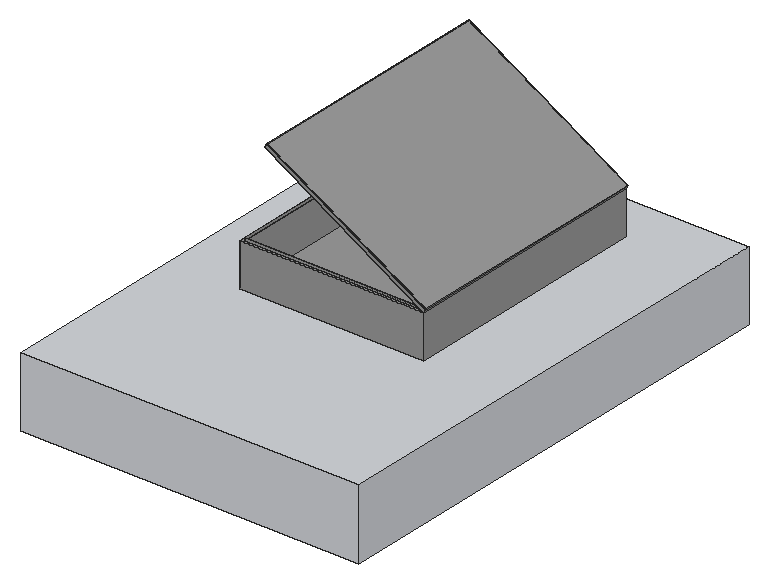
Revit family "Hager-Univers-IP54-D205-H1100-Cl.II-Encl-CH-it", category Equipement électrique, Revit 2020
Family settings
  Hôte = Face
  Configuration du panneau = Deux colonnes, circuits au sein
  Cote de connecteur circulaire = Utiliser le diamètre
  Type d'élément = Tableau de raccordement
  Couper avec des vides une fois chargée = Non
  Partagée = Non
  Point de calcul de pièce = Non
Parameters (values of type "A parete IP54 L800 A1100 P205  - FP73QSW")
  Width Control [instance] = if([EF000008 - Larghezza] > Min Width, [EF000008 - Larghezza], Min Width)  # 800 mm
  Commentaires du type = [HG000003 - Gamma]  # "Univers"
  Thickness Door [instance] = if([EF009171 - spessore materiale porta/coperchio] > 3 mm, 3 mm, [EF009171 - spessore materiale porta/coperchio])  # 1 mm
  Seal Frame Offset [instance] = 17 mm  # constant formula
  Plinth Visibility [instance] = [HG000027 - Altezza dello zoccolo] > 0 mm  # no
  Model = ""
  Min Width [instance] = 100 mm  # constant formula
  Min Height [instance] = 100 mm  # constant formula
  Min Depth [instance] = (2 * [EF009170 - spessore materiale scatola]) + 1 mm  # 3 mm
  Internal Frame Depth [instance] = (Door System Depth * 0.5)  # 9 mm
  Height Control [instance] = if([EF000040 - Altezza] > Min Height, [EF000040 - Altezza], Min Height)  # 1100 mm
  HG000027 - Altezza dello zoccolo = 0 mm
  HG000026 - A pavimento = no
  HG000024 - Altezza della sezione inferiore = 800 mm
  HG000023 - Custodia a doppia sezione = no
  HG000016 - Visibilità delle porte nella vista 3D [instance] = yes
  HG000015 - Visibilità attraverso la porta [instance] = no
  HG000014 - Porta destra [instance] = yes
  HG000013 - Porta sinistra [instance] = not([HG000014 - Porta destra])  # no
  HG000012 - Angolo di apertura della porta [instance] = 30.00°
  HG000010 - Porte asimmetriche = no
  HG000009 - Porta doppia a battente = no
  HG000006 - Ad incasso = no
  HG000004 - Codice produttore = "FP73QSW"
  HG000003 - Gamma = "Univers"
  HG000002 - Con porta = yes
  Frame Offset Bottom [instance] = 10 mm  # constant formula
  Frame Offset [instance] = 15 mm  # constant formula
  EF015940 - Coprire con rilascio di sovrapressione = no
  EF011959 - tipo di protezione (NEMA) = ""
  EF009554 - numero delle aperture per la piastra della flangia = 6
  Fabricant = "Hager"  # constant formula
  EF009212 - esecuzione coperchio = "EV000116 - chiuso"
  EF009171 - spessore materiale porta/coperchio = 1 mm
  EF009170 - spessore materiale scatola = 1 mm
  EF008873 - corrente nominale (In) = 250 A
  EF007800 - adatto per parafulmine = no
  EF006306 - con serratura = no
  EF006244 - coperchio/porta trasparente = no
  EF005474 - grado di protezione (IP) = "EV006419 - IP54"
  EF004464 - tipo di porta = "EV002646 - singolo"
  EF004427 - numero di moduli = 252
  EF004293 - resistenza agli urti = "EV006815 - IK09"
  EF003532 - adatto per uso esterno = no
  EF002950 - Numero moduli DIN = 36
  EF001613 - Integrità del circuito = "EV000494 - senza"
  EF001596 - Attacco Lampada = "EV000179 - acciaio"
  EF001131 - profondità interna = 143 mm
  EF001088 - possibilità di applicazione = yes
  EF000437 - numero di ingressi per conduttori = 6
  EF000339 - tipo di copertura = "EV001012 - coperchio"
  EF000266 - numero di file = 7
  EF000218 - profondità di incasso = 0 mm
  EF000118 - con piastra di montaggio = no
  EF000116 - numero RAL = "9010"
  EF000049 - profondità = 205 mm
  EF000040 - Altezza = 1100 mm
  EF000008 - Larghezza = 800 mm
  EF000007 - colore = "EV000202 - bianco"
  EF000003 - Tipo di montaggio = "EV000384 - A parete"
  Door System Leaf Tolerance [instance] = 1.5 mm  # constant formula
  Door System Depth [instance] = 18 mm  # constant formula
  Door Height [instance] = Height Control - [HG000027 - Altezza dello zoccolo]  # 1100 mm
  Depth Control [instance] = if([EF000049 - profondità] > Min Depth, [EF000049 - profondità], Min Depth)  # 205 mm
  Default Elevation = 0 mm
  Connector Offset [instance] = Height Control / 2  # 550 mm
  Bottom Top Plate Trim [instance] = 1.5 mm  # constant formula
  Plinth height Ctrl [instance] = if([HG000027 - Altezza dello zoccolo] > 0 mm, [HG000027 - Altezza dello zoccolo], 12 mm)  # 12 mm
Types (5, lengths in mm): name | Width Control | HG000010 - Porte asimmetriche | HG000009 - Porta doppia a battente | HG000004 - Codice produttore | EF009554 - numero delle aperture per la piastra della flangia | EF004464 - tipo di porta | EF004427 - numero di moduli | EF002950 - Numero moduli DIN | EF001131 - profondità interna | EF000437 - numero di ingressi per conduttori | EF000339 - tipo di copertura | EF000008 - Larghezza
  A parete IP54 L1050 A1100 P205  - FP74QSW | 1050 | no | no | "FP74QSW" | 8 | "EV003602 - doppio" | 336 | 48 | 143 | 8 | "EV001012 - coperchio" | 1050
  A parete IP54 L1300 A1100 P205  - FP75QSW | 1300 | yes | yes | "FP75QSW" | 10 | "EV003602 - doppio" | 420 | 60 | 130 | 10 | "EV004216 - porta" | 1300
  A parete IP54 L300 A1100 P205  - FP71QSW | 300 | no | no | "FP71QSW" | 2 | "EV002646 - singolo" | 84 | 12 | 130 | 2 | "EV004216 - porta" | 300
  A parete IP54 L550 A1100 P205  - FP72QSW | 550 | no | no | "FP72QSW" | 4 | "EV002646 - singolo" | 168 | 24 | 143 | 4 | "EV001012 - coperchio" | 550
  A parete IP54 L800 A1100 P205  - FP73QSW | 800 | no | no | "FP73QSW" | 6 | "EV002646 - singolo" | 252 | 36 | 143 | 6 | "EV001012 - coperchio" | 800
Reference planes
  plane 1 "Center (Front/Back)": y = 0
  plane 2: z = 0
  plane 3 "Center (Left/Right)": x = 0
  plane 4: z = 205
  plane 5: y = 1
  plane 6: y = 550
  plane 7: y = 0
  plane 8: y = 1100
  plane 9: z = 0
  plane 10: x = -385
  plane 11: x = 385
  plane 12: x = 384
  plane 13: x = -384
  plane 14: y = 1099
  plane 15: x = -383
  plane 16: x = -400
  plane 17: x = 383
  plane 18: x = 400
  plane 19: x = 399
  plane 20: x = -399
  plane 21: y = 11
  plane 22: y = 1100
  plane 23: y = 1084
  plane 24: z = 187
  plane 25: z = 1
  plane 26: z = 186
  plane 27: z = 204
Forms (mm)
  Extrusion 1, solid
    sketch origin (0, 0, 0) x (1, 0, 0) y (0, 1, 0)
      loop
        line (-702.964, 1305) -> (-702.964, -811.445) -> (766.763, -811.445) -> (766.763, 1305) -> (-702.964, 1305)
    from 0 to -304.8
  Extrusion 2, solid, material "Hager_Steel_RAL7035_Light_Grey", visible <- "Plinth Visibility", detail levels medium+fine
    sketch origin (0, 0, 0) x (1, 0, 0) y (0, 1, 0)
      loop
        line (-400, 0) -> (400, 0) -> (400, 12) -> (-400, 12) -> (-400, 0)
    from 0 to 187
  Extrusion 3, solid, material "Hager_Steel_RAL7035_Light_Grey", detail levels medium+fine
    sketch origin (0, 0, 0) x (1, 0, 0) y (0, 1, 0)
      loop
        line (-400, 0) -> (400, 0) -> (400, 1100) -> (-400, 1100) -> (-400, 0)
    from 0 to 187
  Extrusion 4, void
    sketch origin (0, 0, 0) x (1, 0, 0) y (0, 1, 0)
      loop
        line (-399, 1) -> (399, 1) -> (399, 1099) -> (-399, 1099) -> (-399, 1)
    from 1 to 186
  Extrusion 5, void
    sketch origin (-381.607, -4572, 187) x (0, -1, 0) y (-1, 0, 0)
      loop
        line (-4583, 2.393) -> (-5656, 2.393) -> (-5656, -765.607) -> (-4583, -765.607) -> (-4583, 2.393)
    from 0 to 1 <- "EF009170 - spessore materiale scatola"
  Extrusion 6, solid, material "Hager_Steel_RAL7035_Light_Grey", detail levels fine
    sketch origin (0, 0, 187) x (1, 0, 0) y (0, 1, 0)
      loop
        line (-384, 1084) -> (-384, 11) -> (384, 11) -> (384, 1084) -> (-384, 1084)
      loop
        line (-385, 10) -> (385, 10) -> (385, 1085) -> (-385, 1085) -> (-385, 10)
    from 0 to 9 <- "Internal Frame Depth"
  Extrusion 7, solid, material "Hager_Steel_RAL7035_Light_Grey", detail levels coarse
    sketch origin (0, 0, 0) x (1, 0, 0) y (0, 1, 0)
      loop
        line (-400, 0) -> (400, 0) -> (400, 1100) -> (-400, 1100) -> (-400, 0)
    from 0 to 205
  Sweep 8, void
    path in 3D
      loop
        line (-400, 12, 0) -> (400, 12, 0) -> (400, 12, 187) -> (-400, 12, 187) -> (-400, 12, 0)
    profile origin (-400, 12, 93.5) x (-1, 0, 0) y (0, -1, 0)
      loop
        line (0, 0) -> (0, 1.5) -> (-1.5, 1.5)
        arc (-1.5, 1.5) -> (-1.061, 0.439) -> (0, 0) r 1.5
Cuts and joins
  Extrusion 4, Extrusion 5 cuts Extrusion 3
  Sweep 8 cuts Extrusion 2
Lines and regions (mm)
  Masking region 1
    outline origin (0, 0, 0) x (1, 0, 0) y (0, 0, 1)
      loop
        line (-400, 205) -> (-400, 0) -> (400, 0) -> (400, 205) -> (-400, 205)
  Masking region 2, detail levels medium+fine
    outline origin (0, 140, 0) x (0, 1, 0) y (0, 0, 1)
      loop
        line (-140, 0) -> (960, 0) -> (960, 187) -> (-140, 187) -> (-140, 0)
  Masking region 3, not visible, detail levels medium+fine
    outline origin (0, 297.922, 0) x (0, 1, 0) y (0, 0, 1)
      loop
        line (263.578, 0) -> (303.578, 0) -> (303.578, 194)
        arc (303.578, 194) -> (300.649, 201.071) -> (293.578, 204) r 10
        line (293.578, 204) -> (263.578, 204) -> (263.578, 0)
  Masking region 4, detail levels coarse
    outline origin (0, 0, 180) x (0, 1, 0) y (0, 0, 1)
      loop
        line (0, -180) -> (1100, -180) -> (1100, 25) -> (0, 25) -> (0, -180)
  Masking region 5, visible <- "Plinth Visibility", detail levels medium+fine
    outline origin (0, 52.24, 12.345) x (0, 0, -1) y (0, 1, 0)
      loop
        line (10.845, -40.24) -> (-173.155, -40.24)
        arc (-173.155, -40.24) -> (-173.594, -41.301) -> (-174.655, -41.74) r 1.5
        line (-174.655, -41.74) -> (-174.655, -52.24) -> (12.345, -52.24) -> (12.345, -41.74)
        arc (12.345, -41.74) -> (11.285, -41.301) -> (10.845, -40.24) r 1.5
  Masking region 6, detail levels medium+fine
    outline origin (-381.607, -4572, 187) x (-1, 0, 0) y (0, -1, 0)
      loop
        line (18.393, -5672) -> (18.393, -4572) -> (-781.607, -4572) -> (-781.607, -5672) -> (18.393, -5672)
  Masking region 7, visible <- "Plinth Visibility", detail levels medium+fine
    outline origin (-381.607, -4727, 187) x (-1, 0, 0) y (0, -1, 0)
      loop
        arc (16.893, -4739) -> (17.332, -4737.939) -> (18.393, -4737.5) r 1.5
        line (18.393, -4737.5) -> (18.393, -4727) -> (-781.607, -4727) -> (-781.607, -4737.5)
        arc (-781.607, -4737.5) -> (-780.546, -4737.939) -> (-780.107, -4739) r 1.5
        line (-780.107, -4739) -> (16.893, -4739)
  Masking region 8, detail levels coarse
    outline origin (-442.548, -4669.526, 187) x (-1, 0, 0) y (0, -1, 0)
      loop
        line (-42.548, -5769.526) -> (-42.548, -4669.526) -> (-842.548, -4669.526) -> (-842.548, -5769.526) -> (-42.548, -5769.526)
  sketch lines
    curve 1: line (-400, 12, 187) -> (-400, 12, 0)
    curve 2: line (400, 12, 187) -> (-400, 12, 187)
    curve 3: line (400, 12, 187) -> (400, 12, 0)
    curve 4: line (-400, 12, 0) -> (400, 12, 0)
Dimensions and locks
  "Depth Control": plane 4 to Extrusion 1
  "HG000027 - Altezza dello zoccolo": plane 1 "Center (Front/Back)" to plane 7
  "EF009170 - spessore materiale scatola": plane 5 to plane 7
  locked: connector elem to plane 3 "Center (Left/Right)"
  equal spacing: plane 8, plane 6, plane 7
  locked: connector elem to plane 6
  "EF009170 - spessore materiale scatola": plane 8 to plane 14
  "EF009170 - spessore materiale scatola": plane 10 to plane 13
  "EF009170 - spessore materiale scatola": plane 12 to plane 11
  "Frame Offset": plane 20 to plane 13
  "Frame Offset": plane 12 to plane 19
  "EF009170 - spessore materiale scatola": plane 16 to plane 20
  "EF009170 - spessore materiale scatola": plane 19 to plane 18
  "Seal Frame Offset": plane 16 to plane 15
  "Seal Frame Offset": plane 17 to plane 18
  "Frame Offset Bottom": plane 21 to plane 5
  "Frame Offset": plane 14 to plane 23
  equal spacing: plane 16, plane 3 "Center (Left/Right)", plane 18
  "Width Control": plane 16 to plane 18
  "EF009170 - spessore materiale scatola": plane 4 to plane 27
  "EF009170 - spessore materiale scatola": plane 24 to plane 26
  "EF009170 - spessore materiale scatola": plane 25 to level
  "Door System Depth": plane 4 to plane 24
  "Height Control": plane 1 "Center (Front/Back)" to Extrusion 7 sketch curve
  "Height Control": Masking region 4 sketch curve to plane 1 "Center (Front/Back)"
  "Height Control": plane 1 "Center (Front/Back)" to plane 22
  "Bottom Top Plate Trim": profile plane to Sweep 8 sketch curve
  "Bottom Top Plate Trim": Sweep 8 sketch curve to profile plane
  "Plinth height Ctrl": plane 1 "Center (Front/Back)" to Extrusion 2 sketch curve
  "Plinth height Ctrl": Masking region 5 sketch curve to plane 1 "Center (Front/Back)"
  "Plinth height Ctrl": plane 1 "Center (Front/Back)" to Masking region 7 sketch curve
  "Thickness Door": Extrusion 6 sketch curve to Extrusion 6 sketch curve  (x3)
  "Thickness Door": cut or joined group of Extrusion 3, Extrusion 4, Extrusion 5 to Extrusion 6 sketch curve
  radius of Masking region 3 sketch curve = 10 mm
  "Bottom Top Plate Trim": radius of Masking region 5 sketch curve  (x2)
  "Bottom Top Plate Trim": radius of Sweep 8 sketch curve
  "Bottom Top Plate Trim": radius of Masking region 7 sketch curve  (x2)
  aligned and locked: plane 2 to Extrusion 1
  aligned and locked: level to Extrusion 1
  aligned and locked: level to Masking region 1 sketch curve
  aligned and locked: Masking region 1 sketch curve to plane 18
  aligned and locked: Masking region 1 sketch curve to plane 16
  aligned and locked: plane 7 to Masking region 2 sketch curve
  aligned and locked: level to Masking region 3 sketch curve
  aligned and locked: Masking region 3 sketch curve to plane 27
  aligned and locked: level to Masking region 2 sketch curve
  aligned and locked: plane 1 "Center (Front/Back)" to Extrusion 2 sketch curve
  aligned and locked: Extrusion 3 sketch curve to plane 7
  aligned and locked: plane 16 to Extrusion 3 sketch curve
  aligned and locked: plane 18 to Extrusion 3 sketch curve
  aligned and locked: plane 20 to Extrusion 4 sketch curve
  aligned and locked: plane 19 to Extrusion 4 sketch curve
  aligned and locked: Extrusion 4 sketch curve to plane 5
  aligned and locked: Extrusion 4 to plane 25
  aligned and locked: plane 26 to Extrusion 4
  aligned and locked: plane 24 to Extrusion 3
  aligned and locked: Extrusion 5 sketch curve to plane 21
  aligned and locked: Extrusion 5 sketch curve to plane 13
  aligned and locked: Extrusion 5 sketch curve to plane 12
  aligned and locked: plane 18 to Extrusion 7 sketch curve
  aligned and locked: plane 1 "Center (Front/Back)" to Extrusion 7 sketch curve
  aligned and locked: plane 16 to Extrusion 7 sketch curve
  aligned and locked: plane 4 to Extrusion 7
  aligned and locked: Extrusion 7 to level
  aligned and locked: level to Masking region 4 sketch curve
  aligned and locked: Masking region 4 sketch curve to plane 1 "Center (Front/Back)"
  aligned and locked: Masking region 4 sketch curve to plane 4
  aligned and locked: nested 1 to level
  aligned and locked: nested 1 to plane 16
  aligned and locked: plane 8 to Extrusion 3 sketch curve
  aligned and locked: plane 23 to Extrusion 5 sketch curve
  aligned and locked: plane 14 to Extrusion 4 sketch curve
  aligned and locked: Masking region 2 sketch curve to plane 8
  aligned and locked: level to Masking region 5 sketch curve
  aligned and locked: plane 16 to Extrusion 2 sketch curve
  aligned and locked: plane 18 to Extrusion 2 sketch curve
  aligned and locked: Masking region 5 sketch curve to plane 24
  aligned and locked: Masking region 2 sketch curve to plane 24
  aligned and locked: plane 24 to Extrusion 2
  aligned and locked: profile plane to Sweep 8 sketch curve  (x2)
  aligned and locked: Masking region 6 sketch curve to plane 18
  aligned and locked: Masking region 6 sketch curve to plane 22
  aligned and locked: Masking region 6 sketch curve to plane 16
  aligned and locked: plane 8 to plane 22
  aligned and locked: Masking region 6 sketch curve to plane 7
  aligned and locked: Masking region 7 sketch curve to plane 16
  aligned and locked: Masking region 7 sketch curve to plane 1 "Center (Front/Back)"
  aligned and locked: Masking region 7 sketch curve to plane 18
  aligned and locked: Masking region 8 sketch curve to plane 1 "Center (Front/Back)"
  aligned and locked: Masking region 8 sketch curve to plane 18
  aligned and locked: Masking region 8 sketch curve to plane 22
  aligned and locked: Masking region 8 sketch curve to plane 16
  aligned and locked: nested 2 to plane 7
  aligned and locked: plane 3 "Center (Left/Right)" to nested 2
  aligned and locked: nested 2 to plane 24
  aligned and locked: Extrusion 6 sketch curve to cut or joined group of Extrusion 3, Extrusion 4, Extrusion 5  (x4)
Automatic sketch dimensions
  Extrusion 1 sketch curve to Extrusion 1 sketch curve = 1469.727 mm
  Extrusion 1 sketch curve to Extrusion 1 sketch curve = 2116.445 mm
  Masking region 1 sketch curve to plane 4 = 0 mm
  plane 6 to Masking region 3 sketch curve = 11.5 mm
  Masking region 3 sketch curve to Masking region 3 sketch curve = 30 mm
  Masking region 5 sketch curve to plane 1 "Center (Front/Back)" = 0 mm
Nested families
  nested 1: "Hager_Enclosure_Symbol" at (-400, 0, 0) x (1, 0, 0) z (0, -1, 0), Height <- "Depth Control", Width <- "Width Control", type "Hager_Enclosure_Symbol"
    with Width_Ctrl 800 mm, Width 800 mm, Height_Ctrl 205 mm, Height 205 mm, A_Width_Int 13.453 mm, A_Width 161.438 mm, A_Height_Ctrl 179.375 mm, A_Height 179.375 mm
  nested 2: "EC000058_Univers_Door" at (0, 0, 187) x (1, 0, 0) z (0, 1, 0), Leaf_Tolerance <- "Door System Leaf Tolerance", Angle <- "HG000012 - Angolo di apertura della porta", Door_Depth <- "Door System Depth", Door_Left <- "HG000013 - Porta sinistra", Transparent <- "EF006244 - coperchio/porta trasparente", Assymetrical <- "HG000010 - Porte asimmetriche", Width <- "Width Control", Clearance <- "HG000015 - Visibilità attraverso la porta", Double <- "HG000009 - Porta doppia a battente", 3d_Door <- "HG000016 - Visibilità delle porte nella vista 3D", Lock_Visibility <- "EF006306 - con serratura", Width_Ctrl <- "Width Control", Door_Right <- "HG000014 - Porta destra", Door <- "HG000002 - Con porta", Height <- "Door Height", Thickness <- "Thickness Door", type "EC000058_Univers_Door", detail levels medium+fine
    with min_wh 3 mm, Width_Ctrl 800 mm, Width 800 mm, Transparent no, Thickness 1 mm, Seal_Material Hager_Rubber, Lock_Visibility no, Lock_Material Hager_Plastic_RAL9005_Jet_Black, Leaf_Width 800 mm, Leaf_Tolerance_External_Sides 0 mm, Leaf_Tolerance 1.5 mm, Leaf_Offset 0 mm, Leaf_Height 1097 mm, Leaf_2_Width 800 mm, Leaf_2_Offset 400 mm, Leaf_1_Width 800 mm, Leaf_1_Offset 400 mm, Height_Ctrl 1100 mm, Height 1100 mm, Glass_Material Hager_Glass, Double_Clearance_Ctrl no, Double no, Door_Right_Ctrl yes, Door_Right yes, Door_Material Hager_Steel_RAL7035_Light_Grey, Door_Left_Ctrl no, Door_Left no, Door_Depth 18 mm, Door yes, Clearance_Material Hager_Clearance, Clearance_Depth 800 mm, Clearance_Ctrl no, Clearance no, Assymetrical no, Angle 30.00°, 3d_Door yes
Connectors
  electrical at (0, 550, 0)
    settings: on plane 9, index 1, voltage 0 V, apparent load 0 VA, apparent load phase1 0 VA, apparent load phase2 0 VA, apparent load phase3 0 VA, power factor 1, load classification "Other", number of poles 1, system type 30, power factor state 1, is connector primary yes, connector utility no, sub classification motor no, connector description ""
Definition of nested family "EC000058_Univers_Door"
  Parameters (values of type "EC000058_Univers_Door")
    min_wh [instance] = (2 * Thickness) + 1 mm  # 11 mm
    Width_Ctrl [instance] = 400 mm
    Width [instance] = 500 mm
    Transparent [instance] = yes
    Thickness [instance] = 5 mm
    Seal_Material [instance] = none
    Lock_Visibility [instance] = yes
    Lock_Material [instance] = none
    Leaf_Width [instance] = if((Width_Ctrl - 2 * Leaf_Tolerance_External_Sides) > 0 mm, (Width_Ctrl - 2 * Leaf_Tolerance_External_Sides), min_wh)  # 400 mm
    Leaf_Tolerance_External_Sides [instance] = 0 mm  # constant formula
    Leaf_Tolerance [instance] = 1.5 mm
    Leaf_Offset [instance] = 0 mm  # constant formula
    Leaf_Height [instance] = if((Height_Ctrl - 2 * Leaf_Tolerance) > 0 mm, (Height_Ctrl - 2 * Leaf_Tolerance), min_wh)  # 497 mm
    Leaf_2_Width [instance] = if(and(and(Double, Assymetrical), Door_Left), (Leaf_Width / 3) - (Leaf_Tolerance / 2), if(and(and(Double, Assymetrical), Door_Right), (Leaf_Width / 3) * 2 - (Leaf_Tolerance / 2), if(and(Double, not(Assymetrical)), (Leaf_Width / 2) - Leaf_Tolerance, Leaf_Width)))  # 400 mm
    Leaf_2_Offset [instance] = if(and(Double, Assymetrical), Leaf_2_Width / 2, if(and(Double, not(Assymetrical)), Leaf_Width / 4, Leaf_Width / 2))  # 200 mm
    Leaf_1_Width [instance] = if(and(and(Double, Assymetrical), Door_Right), (Leaf_Width / 3) - (Leaf_Tolerance / 2), if(and(and(Double, Assymetrical), Door_Left), (Width / 3) * 2 - (Leaf_Tolerance / 2), if(and(Double, not(Assymetrical)), (Leaf_Width / 2) - Leaf_Tolerance, Leaf_Width)))  # 400 mm
    Leaf_1_Offset [instance] = if(and(Double, Assymetrical), Leaf_1_Width / 2, if(and(Double, not(Assymetrical)), Leaf_Width / 4, Leaf_Width / 2))  # 200 mm
    Height_Ctrl [instance] = if(Height > min_wh, Height, min_wh)  # 500 mm
    Height [instance] = 500 mm
    Glass_Material [instance] = none
    Double_Clearance_Ctrl [instance] = and(Double, Clearance)  # no
    Double [instance] = no
    Door_Right_Ctrl [instance] = and(or(Door_Right, Double), Door)  # yes
    Door_Right [instance] = yes
    Door_Material [instance] = none
    Door_Left_Ctrl [instance] = and(or(Door_Left, Double), Door)  # no
    Door_Left [instance] = no
    Door_Depth [instance] = 30 mm
    Door [instance] = yes
    Default Elevation = 1219.2 mm
    Clearance_Material [instance] = none
    Clearance_Depth [instance] = if(Leaf_1_Width > Leaf_2_Width, Leaf_1_Width, Leaf_2_Width)  # 400 mm
    Clearance_Ctrl [instance] = and(not(Double), Clearance)  # yes
    Clearance [instance] = yes
    Assymetrical [instance] = yes
    Angle [instance] = 30.00°
    3d_Door [instance] = yes
  Reference planes
    plane 1 "Center (Front/Back)": y = 0
    plane 2 "Bottom": z = 0
    plane 3 "Center (Left/Right)": x = 0
    plane 4: z = 500
    plane 5: x = -200
    plane 6: x = 200
    plane 7: z = 500
    plane 8: x = -200
    plane 9: z = 0
    plane 10: x = 200
    plane 11: y = 0
    plane 12: z = 1.5
    plane 13: x = -600
    plane 14: y = -400
    plane 15: x = 600
    plane 16: x = 0
    plane 17: x = 0
    plane 18: x = -200
    plane 19: x = 200
    plane 20: z = 498.5
  Forms (mm)
    Extrusion 1, solid, material <- "Clearance_Material", visible <- "Double_Clearance_Ctrl"
      sketch origin (1200, 0, 0) x (1, 0, 0) y (0, 0, -1)
        loop
          line (-1800, -498.5) -> (-600, -498.5) -> (-600, 0) -> (-1800, 0) -> (-1800, -498.5)
      from 0 to -400
  Dimensions and locks
    equal spacing: plane 5, plane 3 "Center (Left/Right)", plane 6
    "Width_Ctrl": plane 5 to plane 6
    "Leaf_Offset": plane 5 to plane 8
    "Leaf_Offset": plane 6 to plane 10
    "Leaf_Offset": plane 9 to level
    "Leaf_Offset": plane 4 to plane 7
    "Height_Ctrl": plane 4 to level
    "Leaf_Tolerance": plane 12 to plane 9
    locked: plane 11 to plane 1 "Center (Front/Back)"
    "Leaf_1_Offset": plane 18 to plane 16
    "Leaf_2_Offset": plane 17 to plane 19
    "Leaf_1_Width": plane 13 to plane 8
    "Leaf_2_Width": plane 10 to plane 15
    "Clearance_Depth": plane 14 to plane 1 "Center (Front/Back)"
    "Leaf_Tolerance_External_Sides": plane 8 to plane 18
    "Leaf_Tolerance_External_Sides": plane 19 to plane 10
    "Leaf_Tolerance": plane 7 to plane 20
    aligned and locked: level to plane 2 "Bottom"
    aligned and locked: nested 1 to plane 16
    aligned and locked: nested 2 to plane 17
    aligned and locked: Extrusion 1 to plane 13
    aligned and locked: plane 15 to Extrusion 1
    aligned and locked: Extrusion 1 to plane 14
    aligned and locked: plane 12 to nested 1
    aligned and locked: nested 2 to plane 12
    aligned and locked: Extrusion 1 to plane 11
    aligned and locked: plane 20 to Extrusion 1
    aligned and locked: nested 2 to plane 11
    aligned and locked: nested 1 to plane 11
  Automatic sketch dimensions
    Extrusion 1 sketch curve to level = 0 mm
    plane 5 to Extrusion 1 sketch curve = 400 mm
    plane 6 to Extrusion 1 sketch curve = 400 mm
    Extrusion 1 sketch curve to plane 4 = 1.5 mm
  Nested families
    nested 1: "EC000058_Univers_Door_Leaf" at (0, 0, 1.5), Width <- "Leaf_1_Width", visible <- "Door_Left_Ctrl", Leaf_Height <- "Leaf_Height", Angle <- "Angle", 3d_Door <- "3d_Door", Transparent <- "Transparent", Clearance Material <- "Clearance_Material", Clearance <- "Clearance_Ctrl", Door_Material <- "Door_Material", Glass_Material <- "Glass_Material", Door_Depth <- "Door_Depth", Lock_Material <- "Lock_Material", Seal_Material <- "Seal_Material", Lock_Visibility <- "Lock_Visibility", Thickness <- "Thickness", type "EC000058_Univers_Door_Leaf"
      with Width 400 mm, Transparent_Glass_Offset 30 mm, Transparent_Ctrl yes, Transparent yes, Thickness 5 mm, Standard no, Seal_Material none, Seal_D2 8 mm, Seal_D1 1 mm, Offset_Internal_Frame 10 mm, Lock_Width 20 mm, Lock_Visibility_3d yes, Lock_Visibility yes, Lock_Thickness_3 3 mm, Lock_Thickness_2 1 mm, Lock_Thickness_1 3 mm, Lock_Radius_Offset_2 16 mm, Lock_Radius_Offset_1 15 mm, Lock_Radius_2 5 mm, Lock_Radius 6 mm, Lock_Offset 5 mm, Lock_Material none, Lock_Height 80 mm, Lock_Cover_Top_Offset_2d 17 mm, Lock_Cover_Height -65 mm, Leaf_Height 497 mm, Internal_Seal_Thickness 8 mm, Internal_Seal_Depth_2 4.5 mm, Internal_Frame_Depth 25 mm, Glass_Thickness -1 mm, Glass_Offset -2 mm, Glass_Material none, Door_Material none, Door_Depth 30 mm, Clearance Material none, Clearance yes, Angle_Ctrl 30.00°, Angle 30.00°, 3d_Door yes
    nested 2: "EC000058_Univers_Door_Leaf" at (0, 0, 1.5) x (-1, 0, 0) z (0, 0, 1), Width <- "Leaf_2_Width", visible <- "Door_Right_Ctrl", Leaf_Height <- "Leaf_Height", Angle <- "Angle", 3d_Door <- "3d_Door", Transparent <- "Transparent", Clearance Material <- "Clearance_Material", Clearance <- "Clearance_Ctrl", Door_Material <- "Door_Material", Glass_Material <- "Glass_Material", Door_Depth <- "Door_Depth", Lock_Material <- "Lock_Material", Seal_Material <- "Seal_Material", Lock_Visibility <- "Lock_Visibility", Thickness <- "Thickness", type "EC000058_Univers_Door_Leaf"
      with Width 400 mm, Transparent_Glass_Offset 30 mm, Transparent_Ctrl yes, Transparent yes, Thickness 5 mm, Standard no, Seal_Material none, Seal_D2 8 mm, Seal_D1 1 mm, Offset_Internal_Frame 10 mm, Lock_Width 20 mm, Lock_Visibility_3d yes, Lock_Visibility yes, Lock_Thickness_3 3 mm, Lock_Thickness_2 1 mm, Lock_Thickness_1 3 mm, Lock_Radius_Offset_2 16 mm, Lock_Radius_Offset_1 15 mm, Lock_Radius_2 5 mm, Lock_Radius 6 mm, Lock_Offset 5 mm, Lock_Material none, Lock_Height 80 mm, Lock_Cover_Top_Offset_2d 17 mm, Lock_Cover_Height -65 mm, Leaf_Height 497 mm, Internal_Seal_Thickness 8 mm, Internal_Seal_Depth_2 4.5 mm, Internal_Frame_Depth 25 mm, Glass_Thickness -1 mm, Glass_Offset -2 mm, Glass_Material none, Door_Material none, Door_Depth 30 mm, Clearance Material none, Clearance yes, Angle_Ctrl 30.00°, Angle 30.00°, 3d_Door yes
  Definition of nested family "EC000058_Univers_Door_Leaf"
    Parameters (values of type "EC000058_Univers_Door_Leaf")
      Width [instance] = 2000 mm
      Transparent_Glass_Offset [instance] = 30 mm
      Transparent_Ctrl [instance] = and(Transparent, [3d_Door])  # yes
      Transparent [instance] = yes
      Thickness [instance] = 5 mm
      Standard [instance] = and(not(Transparent), [3d_Door])  # no
      Seal_Material [instance] = none
      Seal_D2 [instance] = 8 mm  # constant formula
      Seal_D1 [instance] = 1 mm  # constant formula
      Offset_Internal_Frame [instance] = 10 mm  # constant formula
      Lock_Width [instance] = 20 mm  # constant formula
      Lock_Visibility_3d [instance] = and(Lock_Visibility, [3d_Door])  # yes
      Lock_Visibility [instance] = yes
      Lock_Thickness_3 [instance] = 3 mm  # constant formula
      Lock_Thickness_2 [instance] = 1 mm  # constant formula
      Lock_Thickness_1 [instance] = 3 mm  # constant formula
      Lock_Radius_Offset_2 [instance] = Lock_Radius_Offset_1 + 1 mm  # 16 mm
      Lock_Radius_Offset_1 [instance] = 15 mm  # constant formula
      Lock_Radius_2 [instance] = Lock_Radius - 1 mm  # 5 mm
      Lock_Radius [instance] = 6 mm  # constant formula
      Lock_Offset [instance] = 5 mm  # constant formula
      Lock_Material [instance] = none
      Lock_Height [instance] = 80 mm  # constant formula
      Lock_Cover_Top_Offset_2d [instance] = Lock_Radius_Offset_2 + 1 mm  # 17 mm
      Lock_Cover_Height [instance] = -(Lock_Height - Lock_Radius_Offset_1)  # -65 mm
      Leaf_Height [instance] = 2720.336 mm
      Internal_Seal_Thickness [instance] = 8 mm  # constant formula
      Internal_Seal_Depth_2 [instance] = 4.5 mm  # constant formula
      Internal_Frame_Depth [instance] = if(Door_Depth - Thickness > 5 mm, Door_Depth - Thickness, 5 mm)  # 25 mm
      Glass_Thickness [instance] = if(Thickness > 15 mm, Glass_Offset + 10 mm, -1 mm)  # -1 mm
      Glass_Offset [instance] = if(Thickness > 15 mm, -(Thickness + 10 mm) / 2, -2 mm)  # -2 mm
      Glass_Material [instance] = none
      Door_Material [instance] = none
      Door_Depth [instance] = 30 mm
      Default Elevation = 0 mm
      Clearance Material [instance] = none
      Clearance [instance] = yes
      Angle_Ctrl [instance] = if(Angle > 180.00°, 180.00°, Angle)  # 90.00°
      Angle [instance] = 90.00°
      3d_Door [instance] = yes
    Reference planes
      plane 1 "Center (Front/Back)": y = 0
      plane 2: z = 0
      plane 3 "Center (Left/Right)": x = 0
      plane 4: y = 2000
      plane 5: x = -1000
      plane 6: x = 1000
      plane 7: x = -3000
      plane 8: z = 2720.336
      plane 9: z = 30
      plane 10: z = 2690.336
      plane 11: x = 970
      plane 12: x = -970
      plane 13: y = -3
      plane 14: z = 107.833
      plane 15: y = -5
      plane 16: y = -223.314
      plane 17: x = -1000
      plane 18: z = 1360.168
      plane 19: y = 30
    Forms (mm)
      Extrusion 1, solid, material <- "Clearance Material", visible <- "Clearance"
        sketch origin (0, 0, 0) x (1, 0, 0) y (0, 0, 1)
          loop
            line (-3000, 2720.336) -> (-3000, 0) -> (1000, 0) -> (1000, 2720.336) -> (-3000, 2720.336)
        from 0 to -2000
      Extrusion 2, solid, material <- "Door_Material", visible <- "Standard", detail levels medium+fine
        sketch origin (-1000, 0, 0) x (0, 1, 0) y (-1, 0, 0)
          loop
            line (0, 30) -> (0, 25) -> (2000, 25) -> (2000, 30) -> (0, 30)
        from 0 to 2720.336 <- "Leaf_Height"
      Extrusion 3, solid, material <- "Door_Material", visible <- "Transparent_Ctrl", detail levels medium+fine
        sketch origin (-1000, 0, 0) x (0, 1, 0) y (-1, 0, 0)
          loop
            line (0, 25) -> (2000, 25) -> (2000, 30) -> (0, 30) -> (0, 25)
        from 0 to 2720.336 <- "Leaf_Height"
      Extrusion 4, void
        sketch origin (-1025, 2000, 0) x (0, 1, 0) y (0, 0, -1)
          loop
            line (-30, -2690.336) -> (-30, -30) -> (-1970, -30) -> (-1970, -2690.336) -> (-30, -2690.336)
        from 0 to 5 <- "Thickness"
      Sweep 5, solid, material <- "Seal_Material", visible <- "Transparent_Ctrl", detail levels fine
        path in 3D
          loop
            line (-1025, 30, 30) -> (-1025, 30, 2690.336) -> (-1025, 1970, 2690.336) -> (-1025, 1970, 30) -> (-1025, 30, 30)
        profile origin (-1025, 1000, 30) x (1, 0, 0) y (0, 0, 1)
          loop
            line (0, 0) -> (0, -8) -> (1, -8) -> (1, 0) -> (0, 0)
      Extrusion 6, solid, material <- "Glass_Material", visible <- "Transparent_Ctrl", detail levels medium+fine
        sketch origin (-1030, 0, 0) x (0, 1, 0) y (0, 0, -1)
          loop
            line (1970, -2690.336) -> (1970, -30) -> (30, -30) -> (30, -2690.336) -> (1970, -2690.336)
        from -2 <- "Glass_Offset" to -1 <- "Glass_Thickness"
      Extrusion 7, solid, material <- "Door_Material", visible <- "3d_Door", detail levels medium+fine
        sketch origin (-1025, 2000, 0) x (0, -1, 0) y (0, 0, -1)
          loop
            line (0, -2720.336) -> (2000, -2720.336) -> (2000, 0) -> (0, 0) -> (0, -2720.336)
          loop
            line (1995, -5) -> (5, -5) -> (5, -2715.336) -> (1995, -2715.336) -> (1995, -5)
        from 0 to 25 <- "Internal_Frame_Depth"
      Sweep 8, solid, material <- "Seal_Material", visible <- "Transparent_Ctrl", detail levels fine
        path in 3D
          loop
            line (-1025, 0, 0) -> (-1025, 2000, 0) -> (-1025, 2000, 2720.336) -> (-1025, 0, 2720.336) -> (-1025, 0, 0)
        profile origin (-1025, 0, 1360.168) x (1, 0, 0) y (0, 1, 0)
          loop
            line (0, 10) -> (2.975, 10)
            arc (2.975, 10) -> (4.053, 10.447) -> (4.5, 11.525) r 1.525
            line (4.5, 11.525) -> (4.5, 16.527)
            arc (4.5, 16.527) -> (4.069, 17.569) -> (3.027, 18) r 1.473
            line (3.027, 18) -> (0, 18) -> (0, 10)
      Extrusion 9, solid, material <- "Lock_Material", visible <- "Lock_Visibility_3d", detail levels fine
        sketch origin (-1030, 0, 0) x (0, 1, 0) y (0, 0, -1)
          loop
            arc (1993.5, -1400.168) -> (1994.561, -1399.729) -> (1995, -1398.668) r 1.5
            line (1995, -1398.668) -> (1995, -1320.168) -> (1975, -1320.168) -> (1975, -1398.668)
            arc (1975, -1398.668) -> (1975.439, -1399.729) -> (1976.5, -1400.168) r 1.5
            line (1976.5, -1400.168) -> (1993.5, -1400.168)
        from 3 <- "Lock_Thickness_1" to 0
      Blend 10, solid, material <- "Lock_Material", visible <- "Lock_Visibility_3d", detail levels fine
        base sketch origin (-1033, 0, 0) x (0, 1, 0) y (0, 0, -1)
          loop
            line (1975, -1320.168) -> (1975, -1398.668)
            arc (1975, -1398.668) -> (1975.439, -1399.729) -> (1976.5, -1400.168) r 1.5
            line (1976.5, -1400.168) -> (1993.5, -1400.168)
            arc (1993.5, -1400.168) -> (1994.561, -1399.729) -> (1995, -1398.668) r 1.5
            line (1995, -1398.668) -> (1995, -1320.168) -> (1975, -1320.168)
        top sketch origin (-1033, 0, 0) x (0, 1, 0) y (0, 0, -1)
          loop
            line (1976, -1320.168) -> (1976, -1398.668)
            arc (1976, -1398.668) -> (1976.146, -1399.022) -> (1976.5, -1399.168) r 0.5
            line (1976.5, -1399.168) -> (1993.5, -1399.168)
            arc (1993.5, -1399.168) -> (1993.854, -1399.022) -> (1994, -1398.668) r 0.5
            line (1994, -1398.668) -> (1994, -1320.168) -> (1976, -1320.168)
        from 0 to 1 <- "Lock_Thickness_2"
      Blend 11, solid, material <- "Lock_Material", visible <- "Lock_Visibility_3d", detail levels fine
        base sketch origin (-1034, 0, 0) x (0, 1, 0) y (0, 0, -1)
          loop
            line (1978, -1320.168) -> (1978, -1384.168)
            arc (1978, -1384.168) -> (1985, -1391.168) -> (1992, -1384.168) r 7
            line (1992, -1384.168) -> (1992, -1320.168) -> (1978, -1320.168)
        top sketch origin (-1034, 0, 0) x (0, 1, 0) y (0, 0, -1)
          loop
            line (1991, -1320.168) -> (1979, -1320.168) -> (1979, -1383.168)
            arc (1979, -1383.168) -> (1985, -1389.168) -> (1991, -1383.168) r 6
            line (1991, -1383.168) -> (1991, -1320.168)
        from 0 to 3 <- "Lock_Thickness_3"
      Extrusion 12, solid, material <- "Lock_Material", visible <- "Lock_Visibility_3d", detail levels fine
        sketch origin (-1030, 1975, 1320.168) x (1, 0, 0) y (0, -1, 0)
          loop
            line (-7, -19) -> (-7, -1) -> (0, -1) -> (0, 0) -> (-8, 0) -> (-8, -20) -> (0, -20) -> (0, -19) -> (-7, -19)
        from 0 to -65 <- "Lock_Cover_Height"
      Extrusion 13, void
        sketch origin (-1038, 1995, 1320.168) x (-1, 0, 0) y (0, 0, -1)
          loop
            line (-5, -65) -> (0, -65) -> (-5, -60) -> (-5, -65)
        from 0 to 20 <- "Lock_Width"
      Extrusion 14, void
        sketch origin (-1038, 1975, 1320.168) x (0, -1, 0) y (0, 0, -1)
          loop
            circle (-10, -15.995) r 6
          loop
            circle (-10, -15.995) r 5
        from 0 to 2
      Extrusion 15, solid, material <- "Lock_Material", visible <- "Lock_Visibility_3d", detail levels medium
        sketch origin (-1030, 0, 0) x (0, 1, 0) y (0, 0, -1)
          loop
            arc (1993.5, -1400.168) -> (1994.561, -1399.729) -> (1995, -1398.668) r 1.5
            line (1995, -1398.668) -> (1995, -1320.168) -> (1975, -1320.168) -> (1975, -1398.668)
            arc (1975, -1398.668) -> (1975.439, -1399.729) -> (1976.5, -1400.168) r 1.5
            line (1976.5, -1400.168) -> (1993.5, -1400.168)
        from 8 to 0
    Cuts and joins
      Extrusion 4 cuts Extrusion 3
      Extrusion 13, Extrusion 14 cuts Extrusion 9
      Extrusion 14 cuts Blend 11
      Extrusion 13, Extrusion 14 cuts Extrusion 12
      joined: Extrusion 9, Blend 10, Blend 11, Extrusion 12
      Extrusion 14 cuts Extrusion 15
    Lines and regions (mm)
      Masking region 1, visible <- "Lock_Visibility", detail levels fine
        outline origin (0, 0, 0) x (0, 1, 0) y (0, 0, 1)
          loop
            line (30, 1320.168) -> (33, 1320.168) -> (33, 1400.168) -> (30, 1400.168) -> (30, 1320.168)
      Masking region 2, visible <- "Lock_Visibility", detail levels fine
        outline origin (0, 3.143, 0) x (0, 1, 0) y (0, 0, 1)
          loop
            line (29.857, 1354.168) -> (30.857, 1354.168) -> (30.857, 1366.168) -> (29.857, 1366.168) -> (29.857, 1354.168)
      Masking region 3, detail levels medium+fine
        outline origin (0, 0, 0) x (0, 1, 0) y (0, 0, 1)
          loop
            line (0, 0) -> (30, 0) -> (30, 2720.336) -> (0, 2720.336) -> (0, 0)
      Masking region 4, detail levels medium+fine
        outline origin (0, 0, 0) x (1, 0, 0) y (0, 0, 1)
          loop
            line (-1000, 2720.336) -> (-1000, 0) -> (1000, 0) -> (1000, 2720.336) -> (-1000, 2720.336)
      Masking region 5, visible <- "Lock_Visibility", detail levels fine
        outline origin (-47.116, 0, 0) x (1, 0, 0) y (0, 0, 1)
          loop
            arc (1024.616, 1399.168) -> (1023.556, 1398.729) -> (1023.116, 1397.668) r 1.5
            line (1023.116, 1397.668) -> (1023.116, 1320.168) -> (1041.116, 1320.168) -> (1041.116, 1397.668)
            arc (1041.116, 1397.668) -> (1040.677, 1398.729) -> (1039.616, 1399.168) r 1.5
            line (1039.616, 1399.168) -> (1024.616, 1399.168)
      Masking region 6, visible <- "Lock_Visibility", detail levels medium+fine
        outline origin (-25, 0, 0) x (1, 0, 0) y (0, 0, 1)
          loop
            arc (1001.5, 1400.168) -> (1000.439, 1399.729) -> (1000, 1398.668) r 1.5
            line (1000, 1398.668) -> (1000, 1320.168) -> (1020, 1320.168) -> (1020, 1398.668)
            arc (1020, 1398.668) -> (1019.561, 1399.729) -> (1018.5, 1400.168) r 1.5
            line (1018.5, 1400.168) -> (1001.5, 1400.168)
      Masking region 7, visible <- "Lock_Visibility", detail levels fine
        outline origin (-73.735, 0, 0) x (1, 0, 0) y (0, 0, 1)
          loop
            line (1051.735, 1382.168) -> (1065.735, 1382.168) -> (1065.735, 1384.168)
            arc (1065.735, 1384.168) -> (1058.735, 1391.168) -> (1051.735, 1384.168) r 7
            line (1051.735, 1384.168) -> (1051.735, 1382.168)
      Masking region 8, visible <- "Lock_Visibility", detail levels fine
        outline origin (-73.735, 0, 0) x (1, 0, 0) y (0, 0, 1)
          loop
            line (1052.735, 1382.168) -> (1064.735, 1382.168) -> (1064.735, 1383.168)
            arc (1064.735, 1383.168) -> (1058.735, 1389.168) -> (1052.735, 1383.168) r 6
            line (1052.735, 1383.168) -> (1052.735, 1382.168)
      Masking region 9, visible <- "Lock_Visibility", detail levels fine
        outline origin (-25, 0, 0) x (1, 0, 0) y (0, 0, 1)
          loop
            line (1020, 1320.168) -> (1020, 1382.168) -> (1000, 1382.168) -> (1000, 1320.168) -> (1020, 1320.168)
      Masking region 10, detail levels medium+fine
        outline origin (0, 0, 0) x (1, 0, 0) y (0, 0, 1)
          loop
            circle (985, 1335.144) r 6
      Masking region 11, detail levels fine
        outline origin (0, 0, 0) x (1, 0, 0) y (0, 0, 1)
          loop
            circle (985, 1335.144) r 5
      Masking region 12, visible <- "Lock_Visibility", detail levels fine
        outline origin (0, 12.767, 0) x (0, 1, 0) y (0, 0, 1)
          loop
            line (20.233, 1320.168) -> (21.233, 1320.168) -> (21.233, 1399.168) -> (20.233, 1400.168) -> (20.233, 1320.168)
      Masking region 13, visible <- "Lock_Visibility", detail levels fine
        outline origin (0, 13.767, -10) x (0, 1, 0) y (0, 0, 1)
          loop
            line (20.233, 1330.168) -> (23.233, 1330.168) -> (23.233, 1399.168) -> (20.233, 1402.168) -> (20.233, 1330.168)
      Masking region 14, visible <- "Lock_Visibility", detail levels fine
        outline origin (0, 12.767, -10) x (0, 1, 0) y (0, 0, 1)
          loop
            line (20.233, 1330.168) -> (25.233, 1330.168) -> (25.233, 1399.305) -> (20.233, 1394.305) -> (20.233, 1330.168)
      Masking region 15, visible <- "Lock_Visibility", detail levels medium
        outline origin (0, 0, 0) x (0, 1, 0) y (0, 0, 1)
          loop
            line (30, 1320.168) -> (38, 1320.168) -> (38, 1400.168) -> (30, 1400.168) -> (30, 1320.168)
      Masking region 16, visible <- "Lock_Visibility", detail levels fine
        outline origin (-1000, 0, 0) x (0, 1, 0) y (-1, 0, 0)
          loop
            line (1975, 30) -> (1995, 30) -> (1995, 38) -> (1975, 38) -> (1975, 30)
          loop
            line (1979, 37) -> (1976, 37) -> (1976, 34) -> (1978, 34) -> (1979, 37)
          loop
            line (1994, 37) -> (1991, 37) -> (1992, 34) -> (1994, 34) -> (1994, 37)
      Masking region 17, visible <- "Lock_Visibility", detail levels medium
        outline origin (-1000, 0, 0) x (0, 1, 0) y (-1, 0, 0)
          loop
            line (1975, 30) -> (1995, 30) -> (1995, 38) -> (1975, 38) -> (1975, 30)
      symbolic lines
        curve 1: line (1000, 0, 0) -> (-3000, 0, 0)
        curve 2: arc (1000, 0, 0) -> (-1000, 2000, 0) -> (-3000, 0, 0) r 2000
        curve 4: line (-1030, 0, 0) -> (-1030, 2000, 0)
      reference lines
        curve 3: line (-1000, 0, 0) -> (-1000, 2000, 0)
      symbolic lines, detail levels medium+fine
        curve 5: line (-1030, 2000, 0) -> (-1025, 2000, 0)
        curve 7: line (-1025, 0, 0) -> (-1030, 0, 0)
        curve 8: line (-1025, 0, 0) -> (-1000, 0, 0)
        curve 9: line (-1000, 0, 0) -> (-1000, 2000, 0)
        curve 10: line (-1000, 2000, 0) -> (-1025, 2000, 0)
      symbolic lines, detail levels fine
        curve 6: line (-1025, 2000, 0) -> (-1025, 0, 0)
      sketch lines
        curve 11: line (-1025, 0, 2720.336) -> (-1025, 0, 0)
        curve 12: line (-1025, 2000, 0) -> (-1025, 0, 0)
        curve 13: line (-1025, 2000, 2720.336) -> (-1025, 2000, 0)
        curve 14: line (-1025, 0, 2720.336) -> (-1025, 2000, 2720.336)
        curve 15: line (-1025, 1970, 30) -> (-1025, 30, 30)
        curve 16: line (-1025, 30, 30) -> (-1025, 30, 2690.336)
        curve 17: line (-1025, 1970, 2690.336) -> (-1025, 1970, 30)
        curve 18: line (-1025, 30, 2690.336) -> (-1025, 1970, 2690.336)
      symbolic lines, visible <- "Transparent", detail levels medium+fine
        curve 19: line (-970, 0, 2690.336) -> (970, 0, 2690.336)
        curve 20: line (-970, 0, 30) -> (-970, 0, 2690.336)
        curve 21: line (970, 0, 30) -> (-970, 0, 30)
        curve 22: line (970, 0, 2690.336) -> (970, 0, 30)
    Dimensions and locks
      "Width": plane 1 "Center (Front/Back)" to plane 4
      equal spacing: plane 5, plane 3 "Center (Left/Right)", plane 6
      "Width": plane 5 to plane 6
      "Width": plane 7 to plane 5
      "Leaf_Height": plane 8 to level
      "Width": curve 5 to curve 3
      "Width": curve 3 to curve 3
      plane 8 to plane 10 = 30 mm
      plane 9 to level = 30 mm
      plane 12 to plane 5 = 30 mm
      plane 6 to plane 11 = 30 mm
      Extrusion 1 to Extrusion 4 sketch curve = 30 mm
      "Transparent_Glass_Offset": curve 3 to Extrusion 4 sketch curve
      "Transparent_Glass_Offset": Extrusion 4 sketch curve to cut or joined group of Extrusion 3, Extrusion 4  (x2)
      cut or joined group of Extrusion 3, Extrusion 4 to Extrusion 6 sketch curve = 30 mm
      "Transparent_Glass_Offset": cut or joined group of Extrusion 3, Extrusion 4 to Extrusion 4 sketch curve
      "Thickness": curve 6 to curve 4
      "Thickness": Extrusion 7 sketch curve to Extrusion 7 sketch curve  (x4)
      "Door_Depth": curve 4 to curve 3
      "Offset_Internal_Frame": profile plane to Sweep 8 sketch curve
      "Internal_Seal_Thickness": Sweep 8 sketch curve to Sweep 8 sketch curve
      "Internal_Seal_Depth_2": profile plane to Sweep 8 sketch curve
      "Seal_D1": profile plane to Sweep 5 sketch curve
      "Seal_D2": profile plane to Sweep 5 sketch curve
      "Thickness": Extrusion 2 sketch curve to Extrusion 2 sketch curve
      equal spacing: Extrusion 9 sketch curve, plane 18, Extrusion 9 sketch curve  (x2)
      equal spacing: Masking region 1 sketch curve, plane 18, Masking region 1 sketch curve
      "Lock_Height": Masking region 1 sketch curve to Masking region 1 sketch curve
      "Lock_Radius": Masking region 2 sketch curve to plane 18 to Masking region 2 sketch curve
      Masking region 2 sketch curve to Masking region 1 = 1 mm
      "Door_Depth": plane 19 to plane 1 "Center (Front/Back)"
      "Lock_Thickness_1": Masking region 1 sketch curve to plane 19
      "Lock_Width": Extrusion 9 sketch curve to Extrusion 9 sketch curve
      "Lock_Height": Extrusion 9 sketch curve to Extrusion 9 sketch curve
      "Lock_Offset": cut or joined group of Extrusion 3, Extrusion 4 to Extrusion 9 sketch curve
      equal spacing: plane 8, plane 18, level
      "Lock_Radius_Offset_1": Blend 11 sketch curve to Blend 10
      locked: Blend 10 to Blend 11 sketch curve at 2  (x2)
      locked: var sketch to Blend 11 sketch curve at 1  (x2)
      "Lock_Radius_Offset_2": Blend 11 sketch curve to Blend 10
      locked: Extrusion 12 sketch curve to Extrusion 12 sketch curve at 1  (x3)
      Masking region 6 sketch curve to Masking region 6 sketch curve = 80 mm
      "Lock_Height": Masking region 6 sketch curve to Masking region 6 sketch curve
      "Lock_Width": Masking region 6 sketch curve to Masking region 6 sketch curve
      locked: Masking region 6 to Masking region 5 sketch curve at 1  (x3)
      locked: Masking region 5 to Masking region 7 sketch curve at 2  (x2)
      "Lock_Radius_Offset_1": Masking region 5 to Masking region 7 sketch curve
      "Lock_Radius_Offset_2": Masking region 5 to Masking region 8 sketch curve
      locked: Masking region 7 to Masking region 8 sketch curve at 1  (x2)
      "Lock_Cover_Top_Offset_2d": Masking region 5 to Masking region 9 sketch curve
      equal spacing: Masking region 9, Masking region 10 sketch curve, Masking region 9
      equal spacing: Masking region 9, Masking region 11 sketch curve, Masking region 9
      Extrusion 15 sketch curve to Extrusion 15 sketch curve = 80 mm
      "Lock_Width": Extrusion 15 sketch curve to Extrusion 15 sketch curve
      "Lock_Height": Extrusion 15 sketch curve to Extrusion 15 sketch curve
      equal spacing: Extrusion 15 sketch curve, plane 18, Extrusion 15 sketch curve
      "Lock_Thickness_3": Masking region 13 sketch curve to Masking region 13 sketch curve
      "Lock_Height": Masking region 12 sketch curve to Masking region 12 sketch curve
      locked: Masking region 13 sketch curve to Masking region 1 at 8
      locked: Masking region 14 sketch curve to Masking region 13 at 1
      locked: Masking region 14 sketch curve to Masking region 1 at 10.863
      "Lock_Height": Masking region 15 sketch curve to Masking region 15 sketch curve
      "Lock_Offset": Extrusion 15 sketch curve to cut or joined group of Extrusion 3, Extrusion 4
      "Lock_Offset": plane 6 to Masking region 6 sketch curve
      radius of Sweep 8 sketch curve = 1.525 mm
      radius of Sweep 8 sketch curve = 1.473 mm
      radius of Extrusion 9 sketch curve = 1.5 mm  (x2)
      "Lock_Radius": radius of Extrusion 14 sketch curve
      "Lock_Radius_2": radius of Extrusion 14 sketch curve
      "Lock_Radius": radius of Masking region 10 sketch curve
      "Lock_Radius_2": radius of Masking region 11 sketch curve
      radius of Extrusion 15 sketch curve = 1.5 mm  (x2)
      "Angle_Ctrl": angle plane 1 "Center (Front/Back)" to curve 3
      locked: Masking region 12 sketch curve to Masking region 12 sketch curve (angle 45.00°)
      locked: Masking region 13 sketch curve to Masking region 13 sketch curve (angle 45.00°)
      locked: Masking region 14 sketch curve to Masking region 14 sketch curve (angle 45.00°)
      aligned and locked: level to plane 2
      aligned and locked: Extrusion 1 to curve 1
      aligned and locked: plane 6 to Extrusion 1
      aligned and locked: Extrusion 1 to plane 1 "Center (Front/Back)"
      aligned and locked: plane 4 to Extrusion 1
      aligned and locked: plane 8 to Extrusion 1
      aligned and locked: curve 7 to Extrusion 2 sketch curve
      aligned and locked: curve 5 to Extrusion 2 sketch curve
      aligned and locked: curve 7 to Extrusion 3 sketch curve
      aligned and locked: Extrusion 3 sketch curve to curve 4
      aligned and locked: Extrusion 3 sketch curve to curve 6
      aligned and locked: Extrusion 3 sketch curve to curve 5
      aligned and locked: curve 9 to curve 3
      aligned and locked: Extrusion 7 sketch curve to cut or joined group of Extrusion 3, Extrusion 4  (x4)
      aligned and locked: plane 17 to curve 3
      aligned and locked: plane 1 "Center (Front/Back)" to curve 3
      aligned and locked: plane 17 to plane 5
      aligned and locked: Sweep 8 sketch curve to profile plane
      aligned and locked: Sweep 5 sketch curve to profile plane  (x2)
      aligned and locked: Masking region 1 to Masking region 2 sketch curve
      aligned and locked: plane 19 to Masking region 1 sketch curve
      aligned and locked: plane 1 "Center (Front/Back)" to Masking region 3 sketch curve
      aligned and locked: plane 19 to Masking region 3 sketch curve
      aligned and locked: level to Masking region 3 sketch curve
      aligned and locked: Masking region 3 sketch curve to plane 8
      aligned and locked: plane 17 to Masking region 4 sketch curve
      aligned and locked: level to Masking region 4 sketch curve
      aligned and locked: Masking region 4 sketch curve to plane 8
      aligned and locked: plane 12 to curve 20
      aligned and locked: plane 10 to curve 19
      aligned and locked: plane 11 to curve 22
      aligned and locked: curve 21 to plane 9
      aligned and locked: Extrusion 2 sketch curve to cut or joined group of Extrusion 3, Extrusion 4
      aligned and locked: Blend 10 sketch curve to Extrusion 9  (x4)
      aligned and locked: Extrusion 9 to Blend 10 sketch curve
      aligned and locked: Blend 10 to Blend 11 sketch curve
      aligned and locked: Extrusion 12 sketch curve to Blend 11
      aligned and locked: Extrusion 12 sketch curve to Extrusion 9  (x4)
      aligned and locked: Masking region 5 sketch curve to Masking region 6
      aligned and locked: Masking region 9 sketch curve to Masking region 6  (x3)
      aligned and locked: Masking region 12 sketch curve to Masking region 1
      aligned and locked: Masking region 13 sketch curve to Masking region 1
      aligned and locked: Masking region 12 to Masking region 14
      aligned and locked: Masking region 14 sketch curve to Masking region 1
      aligned and locked: Masking region 15 sketch curve to Masking region 14
      aligned and locked: Masking region 13 sketch curve to Masking region 12
      aligned and locked: Masking region 16 sketch curve to cut or joined group of Extrusion 14, Extrusion 15  (x4)
      aligned and locked: Masking region 16 sketch curve to cut or joined group of Extrusion 9, Blend 10, Blend 11, Extrusion 12, Extrusion 13, Extrusion 14  (x6)
      aligned and locked: cut or joined group of Extrusion 9, Blend 10, Blend 11, Extrusion 12, Extrusion 13, Extrusion 14 to Masking region 16 sketch curve
      aligned and locked: Masking region 17 sketch curve to cut or joined group of Extrusion 14, Extrusion 15  (x3)
      aligned and locked: Masking region 17 sketch curve to cut or joined group of Extrusion 9, Blend 10, Blend 11, Extrusion 12, Extrusion 13, Extrusion 14
      aligned and locked: Masking region 9 to Masking region 8 sketch curve
      aligned and locked: Masking region 9 to Masking region 7 sketch curve
    Automatic sketch dimensions
      plane 1 "Center (Front/Back)" to curve 2 = 0 mm
      curve 2 to plane 5 = 0 mm
      Extrusion 1 sketch curve to level = 0 mm
      Extrusion 1 sketch curve to plane 7 = 0 mm
      Extrusion 1 sketch curve to plane 6 = 0 mm
      Extrusion 1 sketch curve to plane 8 = 0 mm
      Extrusion 3 to Extrusion 6 sketch curve = 30 mm  (x4)
      Masking region 4 sketch curve to plane 6 = 0 mm
      Blend 10 sketch curve to Extrusion 9 = 1.5 mm
      Blend 10 sketch curve to Extrusion 9 = 1 mm
      Extrusion 13 sketch curve to Extrusion 12 = 0 mm  (x2)
      Extrusion 12 to Extrusion 13 sketch curve = 3 mm
      Extrusion 13 sketch curve to Extrusion 12 = 5 mm
      Extrusion 14 sketch curve to Extrusion 14 sketch curve = 0 mm  (x2)
      Extrusion 14 sketch curve to Extrusion 12 = 10 mm
      Extrusion 14 sketch curve to Extrusion 12 = 15.995 mm
      Masking region 5 sketch curve to Masking region 5 sketch curve = 1.5 mm  (x2)
      Masking region 10 sketch curve to plane 18 = 25.024 mm
      Masking region 11 sketch curve to plane 18 = 25.024 mm
      plane 19 to Masking region 14 sketch curve = 3 mm
      Masking region 16 sketch curve to Masking region 16 sketch curve = 3 mm
      curve 4 to curve 3 = 0 mm
      Blend 10 to Blend 11 sketch curve = 0 mm
      Masking region 6 sketch curve to Masking region 6 sketch curve = 1.5 mm  (x2)
      Masking region 6 sketch curve to plane 18 = 40 mm
      plane 19 to Masking region 12 sketch curve = 3 mm
      Masking region 12 sketch curve to Masking region 12 sketch curve = 1 mm
      Masking region 15 sketch curve to plane 19 = 0 mm
      Masking region 15 sketch curve to plane 18 = 40 mm
      radius of Blend 10 sketch curve to Extrusion 9 = 1 mm
Definition of nested family "Hager_Enclosure_Symbol"
  Parameters (values of type "Hager_Enclosure_Symbol")
    Width_Ctrl [instance] = if(Width > 1 mm, Width, 1 mm)  # 102.27 mm
    Width [instance] = 102.27 mm
    Height_Ctrl [instance] = if(Height > 1 mm, Height, 1 mm)  # 66.5 mm
    A_Width_Int [instance] = if(A_Width / 12 > 2 mm, A_Width / 12, 2 mm)  # 4.364 mm
    A_Width [instance] = if(A_Height_Ctrl * 0.9 > 2 mm, A_Height_Ctrl * 0.9, 2 mm)  # 52.369 mm
    A_Height_Ctrl [instance] = if(A_Height > 2 mm, A_Height, 2 mm)  # 58.188 mm
    Height [instance] = 66.5 mm
    A_Height [instance] = Height - (Height / 8)  # 58.188 mm
  Reference planes
    plane 1 "Centre (avant/arrière)": y = 0
    plane 2: z = 0
    plane 3 "Centre (gauche/droite)": x = 0
    plane 4: x = 52.369
    plane 5: y = 33.042
    plane 6: y = 41.77
    plane 7: y = 66.5
    plane 8: x = 26.184
    plane 9: y = 37.406
    plane 10: x = 102.27
    plane 11: y = 66.5
    plane 12: y = 8.313
  Lines and regions (mm)
    Filled region 1, type "Solid_Black", in view "Niveau de réf."
      outline origin (0, 0, 0) x (1, 0, 0) y (0, 1, 0)
        loop
          line (52.369, 66.5) -> (33.188, 54.536) -> (45.365, 45.006) -> (52.369, 66.5)
    Filled region 2, type "Solid_Black", in view "Niveau de réf."
      outline origin (0, 0, 0) x (1, 0, 0) y (0, 1, 0)
        loop
          line (0, 0) -> (102.27, 0) -> (102.27, 66.5) -> (0, 0)
    detail lines, in view "Niveau de réf."
      curve 1: line (0, 8.313, 0) -> (26.184, 41.77, 0)
      curve 2: line (26.184, 41.77, 0) -> (26.184, 33.042, 0)
      curve 3: line (26.184, 33.042, 0) -> (52.369, 66.5, 0)
  Dimensions and locks
    "A_Width": plane 3 "Centre (gauche/droite)" to plane 4
    equal spacing: plane 3 "Centre (gauche/droite)", plane 8, plane 4
    equal spacing: plane 6, plane 9, plane 5
    equal spacing: curve 3, Filled region 1 sketch curve, Filled region 1 sketch curve
    "Height_Ctrl": plane 1 "Centre (avant/arrière)" to plane 11
    "A_Height_Ctrl": plane 11 to plane 12
    equal spacing: plane 11, plane 9, plane 12
    "A_Width_Int": plane 6 to plane 9
    "Width_Ctrl": plane 3 "Centre (gauche/droite)" to plane 10
    angle Filled region 1 sketch curve to curve 3 = 20.00°
    angle curve 3 to Filled region 1 sketch curve = 20.00°
    locked: curve 3 to Filled region 1 sketch curve (angle 90.00°)
    aligned and locked: plane 10 to Filled region 2
    aligned and locked: plane 11 to Filled region 2 sketch curve
    aligned and locked: plane 10 to Filled region 2 sketch curve
    aligned and locked: plane 3 "Centre (gauche/droite)" to curve 1
    aligned and locked: plane 12 to curve 1
    aligned and locked: plane 7 to plane 11
  Automatic sketch dimensions
    Filled region 1 sketch curve to plane 4 = 0 mm
    Filled region 1 sketch curve to plane 7 = 0 mm
    plane 1 "Centre (avant/arrière)" to Filled region 2 sketch curve = 0 mm
    Filled region 2 sketch curve to plane 3 "Centre (gauche/droite)" = 0 mm
    curve 2 to plane 6 = 0 mm
    curve 2 to plane 8 = 0 mm
    curve 3 to plane 4 = 0 mm
    curve 2 to plane 5 = 0 mm
    curve 3 to plane 7 = 0 mm
